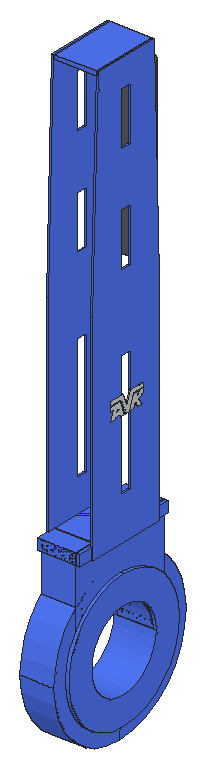
Revit family "702-73-103-DN50-300", category Pipe Accessories, Revit 2019
Family settings
  Round Connector Dimension = Use Diameter
  Part Type = Valve - Breaks Into
  Work Plane-Based = No
  Always vertical = Yes
  Cut with Voids When Loaded = No
  Shared = No
Parameters (values of type "DN 100")
  W6 = W5 / 1.5  # 31.173 mm
  W5 = W4 / 1.2  # 46.759 mm
  W4 = W3 / 1.5  # 56.111 mm
  W3_ref = size_lookup(Search_table, "W3", 0 mm, [Nominal Diameter (DN)])  # 202 mm
  W3 = W2 / 1.2  # 84.167 mm
  W2 = D / 2  # 101 mm
  D = size_lookup(Search_table, "D", 0 mm, [Nominal Diameter (DN)])  # 202 mm
  URL product pages = "https://www.avkvalves.com/P.aspx?no=7020050100000093"
  Top_flange2 = H1 - H  # 24 mm
  Top_flange = size_lookup(Search_table, "Top_Flange", 0 mm, [Nominal Diameter (DN)])  # 62.5 mm
  Search_table = "702-73-103-DN50-300"
  Neck_Rod = if([Nominal Diameter (DN)] > 399 mm, 40 mm, if([Nominal Diameter (DN)] > 299 mm, 30 mm, if([Nominal Diameter (DN)] > 199 mm, 20 mm, if([Nominal Diameter (DN)] > 39 mm, 10 mm, 10 mm))))  # 10 mm
  Name_Ref = H_Ref * 1.5  # 262.6 mm
  L2 = L * 1.1  # 57.2 mm
  L = size_lookup(Search_table, "L", 0 mm, [Nominal Diameter (DN)])  # 52 mm
  ID = [Nominal Diameter (DN)] / 2  # 50 mm
  Nominal Diameter (DN) = 100 mm
  Ho = size_lookup(Search_table, "Ho", 0 mm, [Nominal Diameter (DN)])  # 582 mm
  H_2 = H / 2  # 328 mm
  HW_Dia = size_lookup(Search_table, "HW_Dia", 0 mm, [Nominal Diameter (DN)])  # 15 mm
  H4_half_ref = ((H4 + H4_half) / 2) / 2  # 70 mm
  H4_half = H4 - 40 mm  # 120 mm
  H4 = size_lookup(Search_table, "H4", 0 mm, [Nominal Diameter (DN)])  # 160 mm
  H1_Ref_2 = size_lookup(Search_table, "H1_Ref_2", 0 mm, [Nominal Diameter (DN)])  # 110 mm
  H1 = size_lookup(Search_table, "H1", 0 mm, [Nominal Diameter (DN)])  # 680 mm
  H = size_lookup(Search_table, "H", 0 mm, [Nominal Diameter (DN)])  # 656 mm
  H_Ref = Body_width * 1.3  # 175.067 mm
  H3 = size_lookup(Search_table, "H3", 0 mm, [Nominal Diameter (DN)])  # 757 mm
  Flange_Thickness = if([Nominal Diameter (DN)] > 399 mm, 20 mm, if([Nominal Diameter (DN)] > 299 mm, 15 mm, if([Nominal Diameter (DN)] > 199 mm, 10 mm, if([Nominal Diameter (DN)] > 39 mm, 5 mm, 5 mm))))  # 5 mm
  Description_ = "AVK KNIFE GATE VALVE"
  DN300_PN10 = "702-0300-10-0000252"
  DN250_PN10 = "702-0250-10-0000288"
  DN200_PN10 = "702-0200-10-0000288"
  DN150_PN10 = "702-0150-10-0000105"
  DN125_PN10 = "702-0125-10-0000104"
  DN100_PN10 = "702-0100-10-0000103"
  DN080_PN10 = "702-0080-10-0000095"
  DN065_PN10 = "702-0065-10-0000093"
  DN050_PN10 = "702-0050-10-0000093"
  Bonnet_height_2 = H / 2  # 328 mm
  Bonnet_height = H / 1.1  # 596.364 mm
  Body_width = D / 1.5  # 134.667 mm
  B2_Ref = W2 * 1.2  # 121.2 mm
Types (10, lengths in mm): name | W6 | W5 | W4 | W3_ref | W3 | W2 | D | Top_flange2 | Top_flange | Neck_Rod | Name_Ref | L2 | L | ID | Nominal Diameter (DN) | Ho | H_2 | HW_Dia | H4_half_ref | H4_half | H4 | H1_Ref_2 | H1 | H | H_Ref | H3 | Flange_Thickness | Bonnet_height_2 | Bonnet_height | Body_width | B2_Ref
  (no name) | 31.173 | 46.759 | 56.111 | 202 | 84.167 | 101 | 202 | 24 | 62.5 | 10 | 262.6 | 57.2 | 52 | 50 | 100 | 582 | 328 | 15 | 70 | 120 | 160 | 110 | 680 | 656 | 175.067 | 757 | 5 | 328 | 596.364 | 134.667 | 121.2
  DN 050 | 20.062 | 30.093 | 36.111 | 130 | 54.167 | 65 | 130 | 20 | 62.5 | 10 | 169 | 47.3 | 43 | 25 | 50 | 407 | 284 | 10 | 70 | 120 | 160 | 90 | 588 | 568 | 112.667 | 634 | 5 | 284 | 516.364 | 86.667 | 78
  DN 065 | 22.068 | 33.102 | 39.722 | 143 | 59.583 | 71.5 | 143 | 20 | 62.5 | 10 | 185.9 | 50.6 | 46 | 32.5 | 65 | 444 | 296.5 | 10 | 70 | 120 | 160 | 90 | 613 | 593 | 123.933 | 665 | 5 | 296.5 | 539.091 | 95.333 | 85.8
  DN 080 | 28.241 | 42.361 | 50.833 | 183 | 76.25 | 91.5 | 183 | 23 | 62.5 | 10 | 237.9 | 50.6 | 46 | 40 | 80 | 499 | 311 | 15 | 70 | 120 | 160 | 100 | 645 | 622 | 158.6 | 714 | 5 | 311 | 565.455 | 122 | 109.8
  DN 100 | 31.173 | 46.759 | 56.111 | 202 | 84.167 | 101 | 202 | 24 | 62.5 | 10 | 262.6 | 57.2 | 52 | 50 | 100 | 582 | 328 | 15 | 70 | 120 | 160 | 110 | 680 | 656 | 175.067 | 757 | 5 | 328 | 596.364 | 134.667 | 121.2
  DN 125 | 35.34 | 53.009 | 63.611 | 229 | 95.417 | 114.5 | 229 | 21 | 62.5 | 10 | 297.7 | 61.6 | 56 | 62.5 | 125 | 618 | 347.5 | 25 | 70 | 120 | 160 | 148 | 716 | 695 | 198.467 | 810 | 5 | 347.5 | 631.818 | 152.667 | 137.4
  DN 150 | 41.204 | 61.806 | 74.167 | 267 | 111.25 | 133.5 | 267 | -70 | 62.5 | 10 | 347.1 | 61.6 | 56 | 75 | 150 | 732 | 434 | 25 | 70 | 120 | 160 | 148 | 798 | 868 | 231.4 | 1003 | 5 | 434 | 789.091 | 178 | 160.2
  DN 200 | 50.309 | 75.463 | 90.556 | 326 | 135.833 | 163 | 326 | -71 | 62.5 | 20 | 423.8 | 66 | 60 | 100 | 200 | 882 | 484.5 | 25 | 90 | 160 | 200 | 158 | 898 | 969 | 282.533 | 1134 | 10 | 484.5 | 880.909 | 217.333 | 195.6
  DN 250 | 60.957 | 91.435 | 109.722 | 395 | 164.583 | 197.5 | 395 | -228 | 87.5 | 20 | 513.5 | 74.8 | 68 | 125 | 250 | 1044 | 617 | 30 | 147.5 | 275 | 315 | 165 | 1006 | 1234 | 342.333 | 1433 | 10 | 617 | 1121.818 | 263.333 | 237
  DN 300 | 69.599 | 104.398 | 125.278 | 451 | 187.917 | 225.5 | 451 | -225 | 87.5 | 30 | 586.3 | 85.8 | 78 | 150 | 300 | 1219 | 674.5 | 30 | 147.5 | 275 | 315 | 190 | 1124 | 1349 | 390.867 | 1575 | 15 | 674.5 | 1226.364 | 300.667 | 270.6
Reference planes
  plane 1 "Center (Front/Back)": y = 0
  plane 2: z = 0
  plane 3 "Center (Left/Right)": x = 0
  plane 4: x = -26
  plane 5: x = 26
  plane 6: y = 42.083
  plane 7: y = -42.083
  plane 8: x = -28.6
  plane 9: x = 28.6
  plane 10: z = 134.667
  plane 11: z = 129.667
  plane 12: x = -18
  plane 13: x = 18
  plane 14: z = 656
  plane 15: z = 328
  plane 16: y = 42.083
  plane 17: y = -42.083
  plane 18: x = -28.6
  plane 19: x = 28.6
  plane 20: z = 656
  plane 21: z = 656
  plane 22: z = -101
  plane 23: z = 101
  plane 24: y = -101
  plane 25: y = 101
  plane 26: y = 50.5
  plane 27: y = -50.5
  plane 28: z = 175.067
  plane 29: z = 121.2
  plane 30: z = 388.6
  plane 31: z = 522.3
  plane 32: z = 455.45
  plane 33: z = 422.025
  plane 34: z = 488.875
  plane 35: z = 622.575
  plane 36: z = 589.15
  plane 37: z = 555.725
  plane 38: z = 121.2
Forms (mm)
  Extrusion 1, solid, material "Plastic"
    sketch origin (0, 0, 0) x (0, 1, 0) y (0, 0, 1)
      loop
        circle (0, 0) r 101
      loop
        circle (0, 0) r 50
    from -26 to 26
  Revolve 2, void
    sketch origin (0, 0, 0) x (1, 0, 0) y (0, 0, 1)
      loop
        line (26, 101) -> (21, 101) -> (21, 84.167) -> (26, 84.167) -> (26, 101)
      loop
        line (-26, 101) -> (-26, 84.167) -> (-21, 84.167) -> (-21, 101) -> (-26, 101)
      axis (-26, 0) -> (26, 0)
    angle from 0 to 360
  Extrusion 3, solid, material "Plastic"
    sketch origin (0, 0, 0) x (0, 1, 0) y (0, 0, 1)
      loop
        line (67.333, 0) -> (67.333, 134.667) -> (-67.333, 134.667) -> (-67.333, 0) -> (67.333, 0)
    from -21 to 21
  Extrusion 4, solid, material "Plastic"
    sketch origin (0, 0, 0) x (1, 0, 0) y (0, 0, 1)
      loop
        line (28.6, 134.667) -> (-28.6, 134.667) -> (-28.6, 129.667) -> (28.6, 129.667) -> (28.6, 134.667)
    from -42.083 to 42.083
  Extrusion 5, solid, material "Plastic"
    sketch origin (0, 0, 0) x (1, 0, 0) y (0, 0, 1)
      loop
        line (-26, 134.667) -> (-26, 121.2) -> (26, 121.2) -> (26, 134.667) -> (-26, 134.667)
    from -67.333 to 67.333
  Extrusion 6, solid, material "Plastic"
    sketch origin (0, 0, 0) x (0, 1, 0) y (0, 0, 1)
      loop
        line (50.5, 121.2) -> (50.5, 388.6) -> (42.083, 656) -> (-42.083, 656) -> (-50.5, 388.6) -> (-50.5, 121.2) -> (0, 121.2) -> (50.5, 121.2)
      loop
        line (7.5, 622.575) -> (-7.5, 622.575) -> (-7.5, 555.725) -> (7.5, 555.725) -> (7.5, 622.575)
      loop
        line (7.5, 488.875) -> (-7.5, 488.875) -> (-7.5, 422.025) -> (7.5, 422.025) -> (7.5, 488.875)
      loop
        line (7.5, 328) -> (-7.5, 328) -> (-7.5, 175.067) -> (7.5, 175.067) -> (7.5, 328)
    from 26 to 28.6
  Extrusion 7, void
    sketch origin (0, 0, 0) x (0, 1, 0) y (0, 0, 1)
      loop
        circle (0, 0) r 50
    from -26 to 26
  Extrusion 8, solid, material "Plastic"
    sketch origin (0, 0, 0) x (0, 1, 0) y (0, 0, 1)
      loop
        line (42.083, 656) -> (-42.083, 656) -> (-50.5, 391.4) -> (-50.5, 121.2) -> (0, 121.2) -> (50.5, 121.2) -> (50.5, 371.975) -> (42.083, 656)
      loop
        line (-7.5, 555.725) -> (7.5, 555.725) -> (7.5, 622.575) -> (-7.5, 622.575) -> (-7.5, 555.725)
      loop
        line (-7.5, 488.875) -> (-7.5, 422.025) -> (7.5, 422.025) -> (7.5, 488.875) -> (-7.5, 488.875)
      loop
        line (-7.5, 175.067) -> (7.5, 175.067) -> (7.5, 328) -> (-7.5, 328) -> (-7.5, 175.067)
    from -28.6 to -26
  Extrusion 9, solid, material "Plastic"
    sketch origin (0, 0, 0) x (1, 0, 0) y (0, 1, 0)
      loop
        line (-26, 42.083) -> (-26, -42.083) -> (26, -42.083) -> (26, 42.083) -> (-26, 42.083)
    from 651.255 to 656
  Revolve 10, solid, material "Steel"
    sketch origin (150, 42.083, 1200) x (-1, 0, 0) y (0, 0, 1)
      loop
        line (150, -577.425) -> (124, -577.425) -> (124, -777.975) -> (150, -777.975) -> (150, -577.425)
      axis (150, -777.975) -> (150, -577.425)
    angle from 0 to 360
Cuts and joins
  Revolve 2, Extrusion 7 cuts Extrusion 1
  Extrusion 7 cuts Extrusion 3
Dimensions and locks
  equal spacing: plane 4, plane 3 "Center (Left/Right)", plane 5
  "L": plane 4 to plane 5
  "W2": Revolve 2 sketch curve to level
  "Flange_Thickness": Revolve 2 sketch curve to Extrusion 1
  "Flange_Thickness": Extrusion 1 to Revolve 2 sketch curve
  "W3": Revolve 2 sketch curve to level
  equal spacing: Extrusion 3 sketch curve, plane 1 "Center (Front/Back)", Extrusion 3 sketch curve
  "Body_width": Extrusion 3 sketch curve to Extrusion 3 sketch curve  (x2)
  level to Extrusion 3 = 134.667 mm
  equal spacing: plane 6, plane 1 "Center (Front/Back)", plane 7
  "W3": plane 6 to plane 7
  equal spacing: plane 8, plane 3 "Center (Left/Right)", plane 9
  "L2": plane 8 to plane 9
  "Flange_Thickness": plane 10 to plane 11
  "Body_width": plane 10 to level
  "B2_Ref": Extrusion 5 sketch curve to level
  "H": plane 14 to level
  "Bonnet_height_2": level to plane 15
  equal spacing: plane 18, plane 3 "Center (Left/Right)", plane 19
  "L2": plane 18 to plane 19
  "H": plane 20 to level
  "Name_Ref": level to nested 1
  cut or joined group of Extrusion 1, Revolve 2, Extrusion 7 to cut or joined group of Extrusion 1, Revolve 2, Extrusion 7 = 52 mm
  equal spacing: plane 23, level, plane 22
  "D": plane 23 to plane 22
  "H3": plane 21 to plane 22
  equal spacing: plane 25, plane 1 "Center (Front/Back)", plane 24
  "D": plane 25 to plane 24
  equal spacing: plane 26, plane 1 "Center (Front/Back)", plane 27
  "W2": plane 26 to plane 27
  "B2_Ref": level to plane 29
  equal spacing: plane 29, plane 30, plane 14
  equal spacing: plane 14, plane 31, plane 30
  equal spacing: plane 30, plane 33, plane 32, plane 34, plane 31
  equal spacing: plane 14, plane 35, plane 36, plane 37, plane 31
  equal spacing: Extrusion 6 sketch curve, plane 1 "Center (Front/Back)", Extrusion 6 sketch curve
  "HW_Dia": Extrusion 6 sketch curve to Extrusion 6 sketch curve
  "H_Ref": plane 28 to level
  locked: plane 21 to Extrusion 9 at 4.745
  "B2_Ref": plane 38 to level
  "D": diameter of Extrusion 1 sketch curve
  "Nominal Diameter (DN)": diameter of Extrusion 1 sketch curve
  aligned and locked: level to plane 2
  aligned and locked: Extrusion 1 to plane 5
  aligned and locked: plane 4 to Extrusion 1
  aligned and locked: Extrusion 1 to Revolve 2 sketch curve
  aligned and locked: Revolve 2 sketch curve to Revolve 2 sketch curve  (x2)
  aligned and locked: Revolve 2 sketch curve to plane 2
  aligned and locked: Extrusion 3 sketch curve to level
  aligned and locked: plane 6 to Extrusion 4
  aligned and locked: Extrusion 4 to plane 7
  aligned and locked: plane 11 to Extrusion 4 sketch curve  (x2)
  aligned and locked: plane 10 to Extrusion 4 sketch curve  (x2)
  aligned and locked: Extrusion 5 sketch curve to plane 4
  aligned and locked: plane 5 to Extrusion 5 sketch curve
  aligned and locked: Extrusion 5 sketch curve to Extrusion 4
  aligned and locked: Extrusion 5 to Extrusion 3
  aligned and locked: Extrusion 3 to Extrusion 5
  aligned and locked: plane 8 to Extrusion 4 sketch curve
  aligned and locked: Extrusion 4 sketch curve to plane 9
  aligned and locked: Extrusion 3 to cut or joined group of Extrusion 1, Revolve 2, Extrusion 7  (x2)
  aligned and locked: Extrusion 5 to Extrusion 6 sketch curve
  aligned and locked: Extrusion 6 sketch curve to Extrusion 5
  aligned and locked: plane 7 to plane 17
  aligned and locked: plane 6 to plane 16
  aligned and locked: Extrusion 6 to Extrusion 4
  aligned and locked: Extrusion 7 sketch curve to cut or joined group of Extrusion 1, Revolve 2, Extrusion 7  (x2)
  aligned and locked: Extrusion 1 to Extrusion 7  (x2)
  aligned and locked: Extrusion 6 to plane 5
  aligned and locked: plane 20 to Extrusion 6 sketch curve
  aligned and locked: plane 30 to Extrusion 6 sketch curve  (x2)
  aligned and locked: plane 27 to Extrusion 6 sketch curve
  aligned and locked: plane 26 to Extrusion 6 sketch curve
  aligned and locked: Extrusion 6 sketch curve to plane 35
  aligned and locked: plane 37 to Extrusion 6 sketch curve
  aligned and locked: Extrusion 6 sketch curve to plane 34
  aligned and locked: plane 33 to Extrusion 6 sketch curve
  aligned and locked: Extrusion 6 sketch curve to Extrusion 6 sketch curve  (x4)
  aligned and locked: plane 15 to Extrusion 6 sketch curve
  aligned and locked: plane 28 to Extrusion 6 sketch curve
  aligned and locked: Extrusion 8 to Extrusion 4
  aligned and locked: Extrusion 8 to plane 4
  aligned and locked: Extrusion 8 to Extrusion 9 sketch curve
  aligned and locked: Extrusion 6 to Extrusion 9
  aligned and locked: Extrusion 9 sketch curve to plane 6
  aligned and locked: Extrusion 9 sketch curve to Extrusion 4
  aligned and locked: Revolve 10 sketch curve to plane 3 "Center (Left/Right)"
  aligned and locked: Revolve 10 sketch curve to Revolve 10 sketch curve
  aligned and locked: Extrusion 6 to Extrusion 8 sketch curve
  aligned and locked: Revolve 10 to Extrusion 8  (x2)
  aligned and locked: Extrusion 8 sketch curve to Extrusion 6  (x11)
Automatic sketch dimensions
  Revolve 10 sketch curve to Revolve 10 sketch curve = 200.55 mm
  Revolve 10 sketch curve to Revolve 10 sketch curve = 17.526 mm
  Revolve 10 sketch curve to Revolve 10 sketch curve = 30 mm
  Extrusion 9 sketch curve to plane 5 = 0 mm
  plane 5 to Revolve 10 sketch curve = 0 mm
  Extrusion 8 sketch curve to plane 27 = 0 mm
  Extrusion 8 sketch curve to plane 7 = 0 mm
  Extrusion 8 sketch curve to plane 1 "Center (Front/Back)" = 0 mm
  Extrusion 8 sketch curve to plane 6 = 0 mm
  Extrusion 8 sketch curve to plane 26 = 0 mm
  Extrusion 8 sketch curve to plane 38 = 0 mm
  Extrusion 8 sketch curve to plane 20 = 0 mm
  Extrusion 8 sketch curve to Extrusion 8 sketch curve = 43.975 mm
  Extrusion 8 sketch curve to Extrusion 8 sketch curve = 30.625 mm
  Revolve 10 sketch curve to plane 20 = 233.975 mm
  Extrusion 1 sketch curve to Extrusion 1 sketch curve = 0 mm  (x2)
  Extrusion 1 sketch curve to level = 0 mm
  Extrusion 1 sketch curve to plane 1 "Center (Front/Back)" = 0 mm
  plane 4 to Revolve 2 sketch curve = 0 mm
  Revolve 2 sketch curve to plane 4 = 2.3 mm
  plane 5 to Revolve 2 sketch curve = 8 mm
  Extrusion 6 sketch curve to plane 7 = 0 mm
  Extrusion 6 sketch curve to plane 1 "Center (Front/Back)" = 0 mm
  Extrusion 6 sketch curve to plane 6 = 0 mm
Nested families
  nested 1: "LOGO LV Final.0001" at (28.6, 0, 251.233) x (0, 1, 0) z (1, 0, 0), type "LOGO LV Final.0001"
Connectors
  piping at (26, 0, 0), diameter 100, driven by "Nominal Diameter (DN)"
    settings: on Extrusion 1, index 1, connector inside diameter 609.6 mm, connector length 0 mm, flow factor 0, pipe flow 0.0 L/s, pressure drop 0.0 Pa, fitting loss kfactor 0, connector angle 0.00°, fixture units 0, engagement length 0 mm, angle of deflection 0.00°, flow configuration 0, flow direction 0, fitting loss method 0, system type 7, joint type 0, gender type 0, connector reference index -1, connector utility 0, adjustable connector no, is connector primary yes, connector description ""
  piping at (-26, 0, 0), diameter 100, driven by "Nominal Diameter (DN)"
    settings: on Extrusion 1, index 2, connector inside diameter 609.6 mm, connector length 0 mm, flow factor 0, pipe flow 0.0 L/s, pressure drop 0.0 Pa, fitting loss kfactor 0, connector angle 0.00°, fixture units 0, engagement length 0 mm, angle of deflection 0.00°, flow configuration 0, flow direction 0, fitting loss method 0, system type 7, joint type 0, gender type 0, connector reference index -1, connector utility 0, adjustable connector no, is connector primary no, connector description ""
Definition of nested family "LOGO LV Final.0001"
  Parameters (values of type "LOGO LV Final.0001")
    Default Elevation = 1219.2 mm
  Reference planes
    plane 1 "Center (Front/Back)": y = 0
    plane 2: z = 0
    plane 3 "Center (Left/Right)": x = 0
  Forms (mm)
    Extrusion 1, solid
      sketch origin (0, 0, 0) x (1, 0, 0) y (0, 1, 0)
        loop
          line (-1219.2, 1219.2) -> (-1219.2, -1219.2) -> (1219.2, -1219.2) -> (1219.2, 1219.2) -> (-1219.2, 1219.2)
      from 0 to -304.8
    Extrusion 2, solid
      sketch origin (0, 0, 0) x (1, 0, 0) y (0, 1, 0)
        loop
          line (-6.514, 34.224) -> (-24, 34.224) -> (-24, 29.481) -> (-9.766, 29.481) -> (-2.391, 11.367) -> (2.391, 11.367) -> (9.766, 29.481) -> (24, 29.481) -> (24, 34.224) -> (6.514, 34.224) -> (0, 18.224) -> (-6.514, 34.224)
        loop
          line (-10.996, 27.653) -> (-24, 27.653) -> (-24, 23.081) -> (-19.503, 23.081) -> (-24, 11.367) -> (-18.92, 11.367) -> (-17.955, 13.881) -> (-10.51, 13.881) -> (-9.486, 11.367) -> (-4.365, 11.367) -> (-10.996, 27.653)
        loop
          line (-16.777, 18.224) -> (-12.278, 18.224) -> (-14.594, 23.912) -> (-16.777, 18.224)
        loop
          line (4.365, 11.367) -> (9.486, 11.367) -> (12.093, 17.77) -> (16.918, 11.367) -> (22.857, 11.367) -> (17.399, 18.61)
          arc (17.399, 18.61) -> (20.583, 20.18) -> (22.629, 23.081) r 7.2
          line (22.629, 23.081) -> (24, 23.081) -> (24, 27.653) -> (19.429, 27.653)
          arc (19.429, 27.653) -> (17.763, 23.526) -> (13.699, 21.714) r 5.943
          line (13.699, 21.714) -> (16.117, 27.653) -> (10.996, 27.653) -> (4.365, 11.367)
      from 0 to 1
  Dimensions and locks
    aligned and locked: plane 2 to Extrusion 1
    aligned and locked: level to Extrusion 1
    aligned and locked: Extrusion 2 sketch curve to import instance
